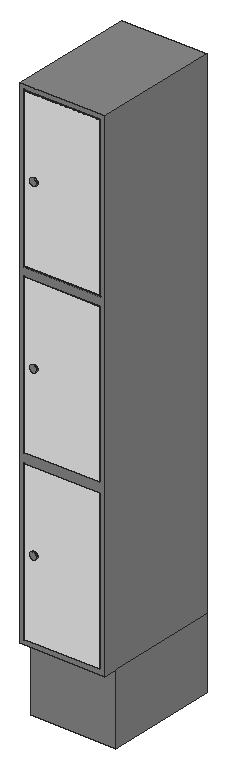
Revit family
Parameters
  Width = 300 mm
  Vis Ironmongery = yes
  Plinth Setback = 50 mm
  Plinth Height = 250 mm
  Material Plinth = Paint - Grey
  Material Locker = Paint - Grey
  Material Door = Paint - White
  Locker Height = 1775 mm
  Depth = 450 mm
Reference planes
  plane 1 "Center (Front/Back)": y = 150
  plane 2: z = 0
  plane 3 "Center (Left/Right)": x = -154.179
  plane 4: y = 600
  plane 5: x = -304.179
  plane 6: x = -4.179
  plane 7: z = 250
  plane 8: z = 2025
  plane 9: z = 2010
  plane 10: z = 265
  plane 11: x = -289.179
  plane 12: x = -19.179
  plane 13: z = 1448.333
  plane 14: z = 1433.333
  plane 15: z = 1418.333
  plane 16: z = 856.667
  plane 17: z = 841.667
  plane 18: z = 826.667
  plane 19: x = -44.179
  plane 20: x = -94.179
  plane 21: z = 1729.167
Forms (mm)
  Extrusion 1, solid, material "Paint - Grey" <- "Material Plinth"
    sketch origin (0, 0, 0) x (1, 0, 0) y (0, 1, 0)
      loop
        line (-304.179, 600) -> (-304.179, 200) -> (-4.179, 200) -> (-4.179, 600) -> (-304.179, 600)
    from 0 to 250
  Extrusion 2, solid, material "Paint - Grey" <- "Material Locker"
    sketch origin (-154.179, 0, 0) x (0, 1, 0) y (0, 0, 1)
      loop
        line (150, 2025) -> (150, 250) -> (600, 250) -> (600, 2025) -> (150, 2025)
    from -150 to 150
  Extrusion 3, void
    sketch origin (-4.179, 150, 2025) x (1, 0, 0) y (0, 0, -1)
      loop
        line (-285, 1760) -> (-285, 1198.333) -> (-15, 1198.333) -> (-15, 1760) -> (-285, 1760)
      loop
        line (-285, 1168.333) -> (-285, 606.667) -> (-15, 606.667) -> (-15, 1168.333) -> (-285, 1168.333)
      loop
        line (-285, 576.667) -> (-285, 15) -> (-15, 15) -> (-15, 576.667) -> (-285, 576.667)
    from 0 to 435
  Extrusion 4, solid, material "Paint - White" <- "Material Door"
    sketch origin (-4.179, 150, 2025) x (-1, 0, 0) y (0, 0, -1)
      loop
        line (282, 18) -> (282, 573.667) -> (18, 573.667) -> (18, 18) -> (282, 18)
      loop
        line (282, 609.667) -> (282, 1165.333) -> (18, 1165.333) -> (18, 609.667) -> (282, 609.667)
      loop
        line (282, 1201.333) -> (282, 1757) -> (18, 1757) -> (18, 1201.333) -> (282, 1201.333)
    from -15 to 0
  Extrusion 5, solid, material "Paint - Grey" <- "Material Locker", visible <- "Vis Ironmongery"
    sketch origin (0, 150, 0) x (1, 0, 0) y (0, 0, 1)
      loop
        circle (-254.179, 1729.167) r 12.5
      loop
        circle (-254.179, 1137.5) r 12.5
      loop
        circle (-254.179, 545.833) r 12.5
    from 0 to 3
Cuts and joins
  Extrusion 3 cuts Extrusion 1
  Extrusion 3 cuts Extrusion 2
Lines and regions (mm)
  model lines, style "InvisibleLines"
    curve 1: line (-154.179, 150, 2025) -> (-154.179, 600, 2025)
Dimensions and locks
  equal spacing: plane 5, plane 3 "Center (Left/Right)", plane 6
  "Width": plane 5 to plane 6
  "Depth": plane 1 "Center (Front/Back)" to plane 4
  "Locker Height": plane 8 to plane 7
  "Plinth Height": plane 7 to level
  locked: plane 8 to plane 9 at 15
  locked: plane 10 to plane 7 at 15
  locked: plane 5 to plane 11 at 15
  locked: plane 12 to plane 6 at 15
  equal spacing: plane 8, plane 14, plane 17, plane 7
  "Plinth Setback": plane 1 "Center (Front/Back)" to cut or joined group of Extrusion 1, Extrusion 3
  locked: plane 11 to Extrusion 5 sketch curve at 35  (x3)
  equal spacing: plane 8, Extrusion 5 sketch curve, plane 14
  equal spacing: plane 14, Extrusion 5 sketch curve, plane 17
  equal spacing: plane 17, Extrusion 5 sketch curve, plane 7
  equal spacing: plane 13, plane 14, plane 15, locked at 15 each
  equal spacing: plane 16, plane 17, plane 18, locked at 15 each
  locked: plane 16 to plane 18 at 30
  locked: plane 13 to plane 15 at 30
  aligned and locked: Extrusion 1 to plane 7
  aligned and locked: Extrusion 1 to level
  aligned and locked: Extrusion 2 sketch curve to curve 1
  aligned and locked: plane 5 to Extrusion 2
  aligned and locked: Extrusion 2 to plane 6
Automatic sketch dimensions
  Extrusion 1 sketch curve to plane 1 "Center (Front/Back)" = 50 mm
  Extrusion 1 sketch curve to plane 5 = 0 mm
  Extrusion 1 sketch curve to plane 6 = 0 mm
  Extrusion 1 sketch curve to plane 4 = 0 mm
  curve 1 to plane 1 "Center (Front/Back)" = 0 mm
  curve 1 to plane 4 = 0 mm
  curve 1 to plane 8 = 0 mm
  Extrusion 2 sketch curve to plane 1 "Center (Front/Back)" = 0 mm
  Extrusion 2 sketch curve to plane 4 = 0 mm
  Extrusion 2 sketch curve to plane 7 = 0 mm
  Extrusion 3 sketch curve to plane 10 = 0 mm
  Extrusion 3 sketch curve to plane 11 = 0 mm  (x3)
  Extrusion 3 sketch curve to plane 12 = 0 mm  (x3)
  Extrusion 3 sketch curve to plane 9 = 0 mm
  Extrusion 3 sketch curve to plane 13 = 0 mm
  Extrusion 3 sketch curve to plane 15 = 0 mm
  Extrusion 3 sketch curve to plane 16 = 0 mm
  Extrusion 3 sketch curve to plane 18 = 0 mm
  Extrusion 4 sketch curve to plane 12 = 3 mm  (x3)
  Extrusion 4 sketch curve to plane 11 = 3 mm  (x3)
  plane 9 to Extrusion 4 sketch curve = 3 mm
  Extrusion 4 sketch curve to plane 13 = 3 mm
  plane 15 to Extrusion 4 sketch curve = 3 mm
  Extrusion 4 sketch curve to plane 16 = 3 mm
  plane 18 to Extrusion 4 sketch curve = 3 mm
  Extrusion 4 sketch curve to plane 10 = 3 mm
  radius of Extrusion 5 sketch curve = 12.5 mm  (x3)
